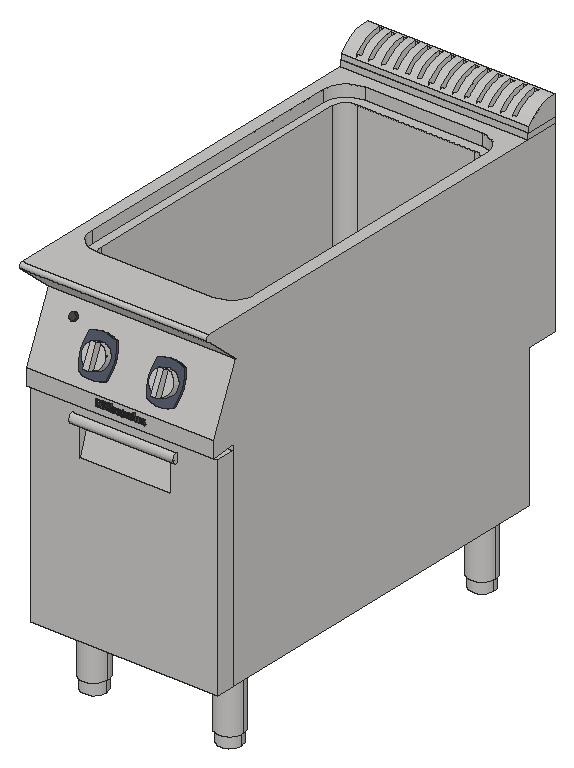
Revit family "QF_ELECTROLUXPROFESSIONAL_391111_E9PCGD1MF0", category Specialty Equipment, Revit 2018 (continued)
Automatic sketch dimensions
  Extrusion 16 sketch curve to Extrusion 16 sketch curve = 0 mm
  Extrusion 19 sketch curve to plane 20 = 0.218 mm
  Extrusion 19 sketch curve to plane 13 = 100 mm
  Extrusion 20 sketch curve to plane 18 = 39.333 mm
  Extrusion 20 sketch curve to plane 7 "Center Y" = 37.292 mm
  Extrusion 20 sketch curve to Extrusion 20 sketch curve = 0 mm
  Extrusion 20 sketch curve to Extrusion 20 sketch curve = 12.3 mm  (x3)
  Extrusion 20 sketch curve to plane 7 "Center Y" = 12.178 mm
  Extrusion 20 sketch curve to Extrusion 20 sketch curve = 34.925 mm  (x2)
  Extrusion 20 sketch curve to plane 18 = 13.606 mm
  Extrusion 20 sketch curve to Extrusion 20 sketch curve = 46.691 mm
  Extrusion 22 sketch curve to Extrusion 22 sketch curve = 24.732 mm
  Extrusion 22 sketch curve to Extrusion 22 sketch curve = 0 mm
  Split face 1 sketch curve to Split face 1 sketch curve = 9.684 mm
  Split face 1 sketch curve to Split face 1 sketch curve = 18.622 mm
  Split face 1 sketch curve to Split face 1 sketch curve = 2.959 mm
  Split face 1 sketch curve to Split face 1 sketch curve = 21.994 mm
  Split face 1 sketch curve to Split face 1 sketch curve = 5.035 mm
  Split face 1 sketch curve to Split face 1 sketch curve = 10.085 mm
  Split face 1 sketch curve to Split face 1 sketch curve = 5.244 mm
  Split face 2 sketch curve to Split face 2 sketch curve = 9.635 mm
  Split face 2 sketch curve to Split face 2 sketch curve = 17.821 mm
  Split face 2 sketch curve to Split face 2 sketch curve = 4.557 mm
  Split face 2 sketch curve to Split face 2 sketch curve = 14.42 mm
  Split face 2 sketch curve to Split face 2 sketch curve = 22.055 mm
  Split face 2 sketch curve to Split face 2 sketch curve = 3.318 mm
  Extrusion 23 sketch curve to plane 19 = 17.333 mm
  plane 20 to Extrusion 23 sketch curve = 27.074 mm
  Extrusion 23 sketch curve to Extrusion 23 sketch curve = 0 mm
  Extrusion 23 sketch curve to Extrusion 23 sketch curve = 12.3 mm  (x2)
  plane 20 to Extrusion 23 sketch curve = 1.96 mm
  Extrusion 23 sketch curve to Extrusion 23 sketch curve = 34.925 mm  (x2)
  plane 19 to Extrusion 23 sketch curve = 8.394 mm
  Extrusion 23 sketch curve to Extrusion 23 sketch curve = 46.691 mm
  Extrusion 23 sketch curve to plane 19 = 17.95 mm
  Extrusion 25 sketch curve to Extrusion 25 sketch curve = 24.732 mm
  Extrusion 25 sketch curve to Extrusion 25 sketch curve = 0 mm
  Split face 3 sketch curve to Split face 3 sketch curve = 9.684 mm
  Split face 3 sketch curve to Split face 3 sketch curve = 18.622 mm
  Split face 3 sketch curve to Split face 3 sketch curve = 2.959 mm
  Split face 3 sketch curve to Split face 3 sketch curve = 21.994 mm
  Split face 3 sketch curve to Split face 3 sketch curve = 5.035 mm
  Split face 3 sketch curve to Split face 3 sketch curve = 10.085 mm
  Split face 3 sketch curve to Split face 3 sketch curve = 5.244 mm
  Split face 4 sketch curve to Split face 4 sketch curve = 9.635 mm
  Split face 4 sketch curve to Split face 4 sketch curve = 17.821 mm
  Split face 4 sketch curve to Split face 4 sketch curve = 4.557 mm
  Split face 4 sketch curve to Split face 4 sketch curve = 14.42 mm
  Split face 4 sketch curve to Split face 4 sketch curve = 22.055 mm
  Split face 4 sketch curve to Split face 4 sketch curve = 3.318 mm
  Extrusion 26 sketch curve to plane 18 = 0 mm
  curve 68 to curve 93 = 0 mm
  curve 70 to curve 76 = 0 mm
  curve 72 to curve 78 = 0 mm  (x2)
  curve 74 to curve 80 = 0 mm  (x2)
  curve 76 to curve 91 = 0 mm  (x2)
  curve 82 to curve 93 = 0 mm  (x2)
  curve 84 to curve 88 = 0 mm  (x2)
  curve 85 to curve 89 = 0 mm
  plane 1 "BACK" to curve 10 = 0 mm
  curve 10 to plane 4 "RIGHT" = 0 mm
  curve 7 to plane 4 "RIGHT" = 0 mm
  plane 5 "FRONT" to curve 8 = 0 mm
  plane 13 to curve 79 = 0 mm
  curve 86 to plane 18 = 0 mm
  curve 9 to plane 3 "LEFT" = 0 mm
  plane 5 "FRONT" to curve 1 = 0 mm
  plane 5 "FRONT" to curve 3 = 0 mm
  curve 71 to plane 4 "RIGHT" = 25 mm
  plane 1 "BACK" to curve 63 = 6.761 mm
  plane 15 to curve 63 = 25.347 mm
  curve 63 to curve 64 = 9.296 mm
  plane 15 to curve 76 = 10 mm
  plane 15 to curve 62 = 0.859 mm
  curve 61 to plane 20 = 1.781 mm
  curve 90 to plane 20 = 0.218 mm
  plane 20 to curve 8 = 8.022 mm
  plane 20 to curve 70 = 9.782 mm
  plane 20 to curve 89 = 9.782 mm
  plane 20 to curve 79 = 9.782 mm
  plane 1 "BACK" to curve 58 = 6.761 mm
  plane 20 to curve 58 = 14.412 mm
  curve 57 to curve 56 = 9.296 mm
  curve 56 to curve 54 = 16.193 mm
  curve 53 to curve 52 = 9.296 mm
  plane 1 "BACK" to curve 50 = 6.761 mm
  curve 51 to curve 50 = 16.193 mm
  curve 47 to curve 48 = 9.296 mm
  curve 46 to plane 19 = 11.905 mm
  curve 44 to plane 19 = 2.61 mm
  plane 19 to curve 42 = 13.583 mm
  plane 7 "Center Y" to curve 39 = 8.121 mm
  curve 38 to plane 7 "Center Y" = 8.071 mm
  curve 37 to curve 36 = 9.296 mm
  plane 1 "BACK" to curve 34 = 6.761 mm
  curve 35 to curve 34 = 16.193 mm
  curve 33 to curve 32 = 9.296 mm
  plane 1 "BACK" to curve 30 = 6.761 mm
  curve 31 to curve 30 = 16.193 mm
  curve 29 to curve 28 = 9.296 mm
  curve 28 to curve 26 = 16.193 mm
  curve 25 to curve 24 = 9.296 mm
  curve 24 to curve 22 = 16.193 mm
  curve 19 to curve 20 = 9.296 mm
  curve 68 to plane 18 = 10 mm
  curve 79 to plane 18 = 10 mm
  curve 83 to plane 18 = 10 mm
  plane 18 to curve 15 = 1.513 mm
  plane 16 to curve 7 = 3.881 mm
  curve 15 to plane 16 = 0.809 mm
  plane 1 "BACK" to curve 14 = 6.761 mm
  curve 15 to curve 14 = 16.193 mm
  curve 13 to curve 12 = 9.296 mm
  curve 7 to curve 4 = 4.082 mm
  plane 1 "BACK" to curve 62 = 6.761 mm
  plane 1 "BACK" to curve 54 = 6.761 mm
  plane 1 "BACK" to curve 15 = 6.761 mm
  plane 1 "BACK" to curve 46 = 6.761 mm
  plane 1 "BACK" to curve 19 = 6.761 mm
  plane 1 "BACK" to curve 42 = 6.761 mm
  plane 1 "BACK" to curve 23 = 6.761 mm
  plane 1 "BACK" to curve 38 = 6.761 mm
  curve 27 to curve 30 = 57.15 mm
  curve 29 to curve 33 = 0 mm
  curve 33 to curve 36 = 0 mm
  curve 26 to curve 28 = 0 mm
  curve 37 to curve 40 = 0 mm
  curve 22 to curve 24 = 0 mm
  curve 41 to curve 44 = 0 mm
  curve 18 to curve 20 = 0 mm
  curve 45 to curve 48 = 0 mm
  curve 14 to curve 16 = 0 mm
  curve 49 to curve 52 = 0 mm
  curve 53 to curve 61 = 0 mm
  curve 61 to curve 64 = 0 mm
  curve 53 to curve 56 = 0 mm
  curve 12 to curve 9 = 7.979 mm
  curve 69 to plane 12 = 24.11 mm
  curve 86 to curve 68 = 0 mm
  curve 89 to plane 8 "Center X" = 141.643 mm
  curve 7 to curve 5 = 57 mm
  radius of Extrusion 17 sketch curve = 12.7 mm
  radius of Extrusion 18 sketch curve = 6.35 mm
  radius of Extrusion 19 sketch curve = 9.525 mm
  radius of Extrusion 21 sketch curve = 25.4 mm
  radius of Extrusion 22 sketch curve to Extrusion 21 = 0 mm  (x2)
  radius of Extrusion 24 sketch curve = 25.4 mm
  radius of Extrusion 25 sketch curve to Extrusion 24 = 0 mm  (x2)
  radius of Extrusion 26 sketch curve = 7.5 mm
Connectors
  piping at (232, -780, 176), diameter 25.4
    settings: on Extrusion 17, index 1, connector inside diameter 1", connector length 0 mm, flow factor 0, pipe flow 0 GPM, pressure drop 0.00 psi, fitting loss kfactor 0, connector angle 0.00°, fixture units 0, engagement length 0 mm, angle of deflection 0.00°, flow configuration 1, flow direction 2, fitting loss method 0, system type 16, joint type 0, gender type 0, connector reference index -1, connector utility 0, adjustable connector no, is connector primary yes, connector description "DRAIN"
  piping at (65, -703, 190), diameter 12.8
    settings: on Extrusion 18, index 2, connector inside diameter 0.50394", connector length 0 mm, flow factor 0, pipe flow 0 GPM, pressure drop 0.00 psi, fitting loss kfactor 0, connector angle 0.00°, fixture units 0, engagement length 0 mm, angle of deflection 0.00°, flow configuration 1, flow direction 1, fitting loss method 0, system type 7, joint type 0, gender type 0, connector reference index -1, connector utility 0, adjustable connector no, is connector primary no, connector description "GAS CONNECTION"
  piping at (335, -700, 200), diameter 19
    settings: on Extrusion 19, index 3, connector inside diameter 0.74803", connector length 0 mm, flow factor 0, pipe flow 0 GPM, pressure drop 0.00 psi, fitting loss kfactor 0, connector angle 0.00°, fixture units 0, engagement length 0 mm, angle of deflection 0.00°, flow configuration 1, flow direction 1, fitting loss method 0, system type 20, joint type 0, gender type 0, connector reference index -1, connector utility 0, adjustable connector no, is connector primary no, connector description "WATER INLET"
